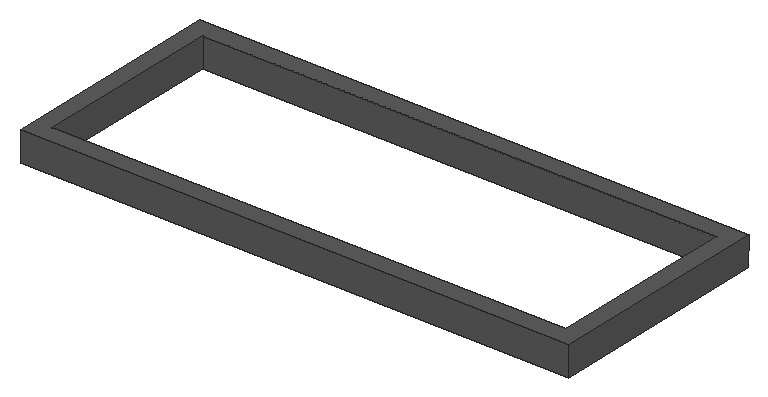
Revit family "FU_Frame_LAP0018", category Furniture, Revit 2022
Family settings
  OmniClass Number = 23.40.20.00
  OmniClass Title = General Furniture and Specialties
  Work Plane-Based = No
  Always vertical = Yes
  Cut with Voids When Loaded = No
  Render Appearance Source = Family Geometry
  Shared = No
  Room Calculation Point = No
Parameters (values of type "LAP0018")
  Width = 930 mm
  URL = "https://www.sandlerseating.com/product/lapse-0018-2/"
  Model = "LAP018"
  Manufacturer = "Sandler"
  Height = 50 mm
  Frame [instance] = Epoxy - M1_B00 - Black
  Description = "Steel tube frame for 1.5 seater modular sofa in epoxy finish."
  Depth = 380 mm
  Default Elevation = 0 mm
Reference planes
  plane 1 "Center (Front/Back)": y = 0
  plane 2: z = 0
  plane 3 "Center (Left/Right)": x = 0
  plane 4 "Right": x = -465
  plane 5 "Left": x = 465
  plane 6 "Back": y = 190
  plane 7 "Front": y = -190
  plane 8 "Height": z = 333
  plane 9 "Frame Base": z = 283
  plane 10 "Frame Inner Right": x = -435
  plane 11 "Frame Inner Back": y = 160
  plane 12 "Frame Inner Left": x = 435
  plane 13 "Frame Inner Front": y = -160
Forms (mm)
  Extrusion 1, solid, material "Epoxy - M1_B00 - Black" <- "Frame"
    sketch origin (0, 0, 283) x (-1, 0, 0) y (0, -1, 0)
      loop
        line (465, -190) -> (465, 190) -> (-465, 190) -> (-465, -190) -> (465, -190)
      loop
        line (435, -160) -> (435, 160) -> (-435, 160) -> (-435, -160) -> (435, -160)
    from 0 to 50
Dimensions and locks
  equal spacing: plane 4 "Right", plane 3 "Center (Left/Right)", plane 5 "Left"
  "Width": plane 4 "Right" to plane 5 "Left"
  equal spacing: plane 6 "Back", plane 1 "Center (Front/Back)", plane 7 "Front"
  "Depth": plane 6 "Back" to plane 7 "Front"
  plane 8 "Height" to level = 333 mm
  "Height": plane 8 "Height" to plane 9 "Frame Base"
  locked: plane 13 "Frame Inner Front" to plane 7 "Front" at 30
  locked: plane 4 "Right" to plane 10 "Frame Inner Right" at 30
  locked: plane 12 "Frame Inner Left" to plane 5 "Left" at 30
  locked: plane 6 "Back" to plane 11 "Frame Inner Back" at 30
  aligned and locked: Extrusion 1 sketch curve to plane 6 "Back"
  aligned and locked: Extrusion 1 sketch curve to plane 4 "Right"
  aligned and locked: plane 7 "Front" to Extrusion 1 sketch curve
  aligned and locked: plane 5 "Left" to Extrusion 1 sketch curve
  aligned and locked: Extrusion 1 sketch curve to plane 11 "Frame Inner Back"
  aligned and locked: plane 10 "Frame Inner Right" to Extrusion 1 sketch curve
  aligned and locked: Extrusion 1 sketch curve to plane 13 "Frame Inner Front"
  aligned and locked: plane 12 "Frame Inner Left" to Extrusion 1 sketch curve
  aligned and locked: plane 8 "Height" to Extrusion 1
  aligned and locked: Extrusion 1 to plane 8 "Height"  (x3)
  aligned and locked: Extrusion 1 to plane 9 "Frame Base"
  aligned and locked: plane 9 "Frame Base" to Extrusion 1  (x2)
